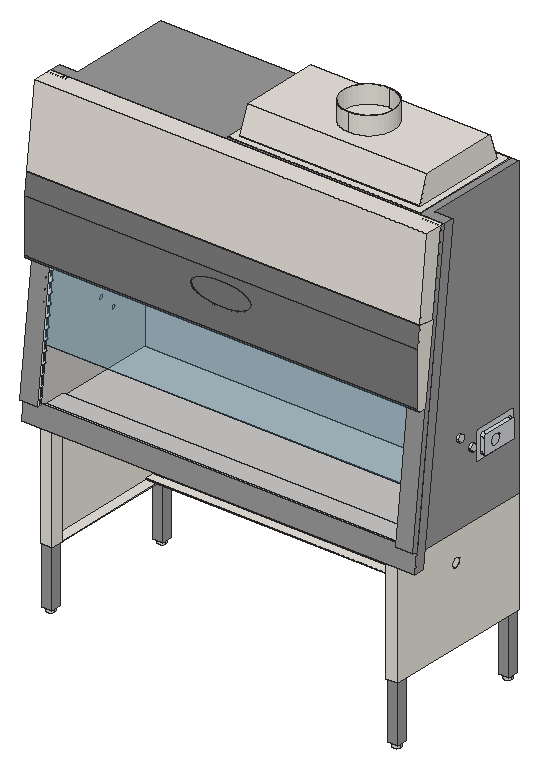
Revit family "NU-540 LabGard Class II Type A2 Laminar Flow Biosafety Cabinet with NU-911", category Mechanical Equipment, Revit 2020
Family settings
  Round Connector Dimension = Use Diameter
  Part Type = Normal
  OmniClass Number = 23.75.00.00
  OmniClass Title = Climate Control (HVAC)
  Work Plane-Based = No
  Always vertical = Yes
  Cut with Voids When Loaded = No
  Shared = No
  Room Calculation Point = No
Parameters (values of type "NU-540-600")
  window width = 5' - 11 7/8"
  transition width = 2' - 11 3/8"
  transition depth = 1' - 7 1/8"
  exhaust ring inner = 0' - 4 15/16"
  exhaust door width = 2' - 7 3/16"
  crossbar = 5' - 10.1415"
  Workzone Width = 5' - 10 3/8"
  Overall Width = 6' - 5 9/16"
  Model = "NU-540-600"
  Manufacturer = "NuAire Inc."
  Exhaust Filter Width = 2' - 10 1/2"
  Exhaust Diameter = 0' - 10"
  Exhaust Center = 2' - 0"
  Description = "LabGard Class II Type A2 Laminar Flow Biosafety Cabinet 115v with NU-911"
  Default Elevation = 0' - 0"
  Cabinet Width = 5' - 10 9/16"
  Cabinet Height = 4' - 10 7/8"
  Cabinet Depth = 2' - 6"
Types (4): name | window width | transition width | exhaust ring inner | exhaust door width | crossbar | Workzone Width | Overall Width | Model | Exhaust Filter Width | Exhaust Diameter | Exhaust Center | Cabinet Width
  NU-540-600 | 5' - 11 7/8" | 2' - 11 3/8" | 0' - 4 15/16" | 2' - 7 3/16" | 5' - 10.1415" | 5' - 10 3/8" | 6' - 5 9/16" | "NU-540-600" | 2' - 10 1/2" | 0' - 10" | 2' - 0" | 5' - 10 9/16"
  NU-540-500 | 4' - 11 7/8" | 2' - 5 3/8" | 0' - 4 15/16" | 2' - 7 3/16" | 4' - 10 9/64" | 4' - 10 3/8" | 5' - 5 9/16" | "NU-540-500" | 2' - 4 1/2" | 0' - 10" | 1' - 9" | 4' - 10 9/16"
  NU-540-400 | 3' - 11 3/8" | 1' - 9 3/8" | 0' - 4 15/16" | 1' - 7 3/16" | 3' - 10 9/64" | 3' - 10 3/8" | 4' - 5 9/16" | "NU-540-400" | 1' - 8 1/2" | 0' - 10" | 1' - 5" | 3' - 10 9/16"
  NU-540-300 | 2' - 11 7/8" | 1' - 1 3/8" | 0' - 3 15/16" | 1' - 1 3/16" | 2' - 10 9/64" | 2' - 10 3/8" | 3' - 5 9/16" | "NU-540-300" | 1' - 0 1/2" | 0' - 8" | 1' - 1" | 2' - 10 9/16"
Reference planes (in)
  plane 1 "Center (Front/Back)": y = 0
  plane 2: z = 0
  plane 3 "Center (Left/Right)": x = 0
  plane 4: x = -35.28125
  plane 5: x = 35.28125
  plane 6: y = -30
  plane 7 "Cabinet Base": z = 32.5
  plane 8 "Cabinet Top": z = 91.375
  plane 9: x = -38.78125
  plane 10: x = 38.78125
  plane 11: z = 12
  plane 12: z = 36.5
  plane 13: z = 89.703
  plane 14: z = 0.75
  plane 15: z = 12.074
  plane 16: z = 12.25
  plane 17: z = 22.21875
  plane 18: x = -35.07075
  plane 19: x = 35.07075
  plane 20: x = -35.9375
  plane 21: x = 35.9375
  plane 22: z = 68.23219
  plane 23: x = 36.3125
  plane 24: x = 35.34375
  plane 25: z = 99.875
Forms (in)
  Extrusion 1, solid
    sketch origin (0, 0, 0) x (0, 1, 0) y (0, 0, 1)
      loop
        line (0, 32.5) -> (0, 91.375) -> (-22.77106, 91.375) -> (-30, 32.5) -> (0, 32.5)
    from -38.78125 to 38.78125
  Extrusion 2, void
    sketch origin (0, 0, 0) x (0, 1, 0) y (0, 0, 1)
      loop
        line (-20.6301, 91.375) -> (-27.85904, 32.5) -> (0, 32.5) -> (0, 91.375) -> (-20.6301, 91.375)
    from -38.78125 to -35.28125
  Extrusion 3, void
    sketch origin (0, 0, 0) x (0, 1, 0) y (0, 0, 1)
      loop
        line (-20.6301, 91.375) -> (-27.85904, 32.5) -> (0, 32.5) -> (0, 91.375) -> (-20.6301, 91.375)
    from 35.28125 to 38.78125
  Extrusion 4, void
    sketch origin (0, 0, 0) x (0, 1, 0) y (0, 0, 1)
      loop
        line (-29.50886, 36.5) -> (-28.88386, 36.5) -> (-28.88386, 36.1875) -> (-24.25886, 36.1875) -> (-24.25886, 35.6875) -> (-4.18074, 35.6875) -> (-4.18074, 63.9375) -> (-26.13996, 63.9375) -> (-29.50886, 36.5)
    from -35.1875 to 35.1875
  Extrusion 5, void
    sketch origin (0, 0, 91.375) x (1, 0, 0) y (0, -1, 0)
      loop
        line (31.98425, 2.047) -> (31.98425, 20.547) -> (-2.51575, 20.547) -> (-2.51575, 2.047) -> (31.98425, 2.047)
    from 0 to 1.672
  Extrusion 6, solid
    sketch origin (0, -30, 32.5) x (1, 0, 0) y (0, -1, 0)
      loop
        line (35.28125, -30) -> (35.28125, -0.29687) -> (32.96225, -0.29687) -> (32.96225, -2.54287) -> (35.13325, -2.54287) -> (35.13325, -27.754) -> (32.96225, -27.754) -> (32.96225, -30) -> (35.28125, -30)
      loop
        line (-35.28125, -30) -> (-32.96225, -30) -> (-32.96225, -27.754) -> (-35.13325, -27.754) -> (-35.13325, -2.54287) -> (-32.96225, -2.54287) -> (-32.96225, -0.29687) -> (-35.28125, -0.29687) -> (-35.28125, -30)
    from 0 to 20.5
  Extrusion 7, solid
    sketch origin (0, -30, 12) x (0, 1, 0) y (1, 0, 0)
      loop
        line (0.42187, -35.15625) -> (2.42187, -35.15625) -> (2.42187, -33.15625) -> (0.42187, -33.15625) -> (0.42187, -35.15625)
      loop
        line (0.42362, 35.15625) -> (0.42362, 33.15625) -> (2.42362, 33.15625) -> (2.42362, 35.15625) -> (0.42362, 35.15625)
      loop
        line (29.875, 35.15625) -> (27.875, 35.15625) -> (27.875, 33.15625) -> (29.875, 33.15625) -> (29.875, 35.15625)
      loop
        line (27.875, -35.15625) -> (29.875, -35.15625) -> (29.875, -33.15625) -> (27.875, -33.15625) -> (27.875, -35.15625)
    from 0 to 11.25
  Extrusion 8, solid
    sketch origin (0, -30, 0.75) x (-1, 0, 0) y (0, 1, 0)
      loop
        circle (34.15625, 1.40689) r 0.75
      loop
        circle (-34.15625, 1.42362) r 0.75
      loop
        circle (-34.15625, 28.875) r 0.75
      loop
        circle (34.15625, 28.875) r 0.75
    from 0 to 0.75
  Extrusion 9, void
    sketch origin (0, 0, 0) x (0, 1, 0) y (0, 0, 1)
      loop
        circle (-15.375, 27) r 1
    from -35.28125 to 35.28125
  Extrusion 10, solid
    sketch origin (0, -30, 12) x (0, 1, 0) y (1, 0, 0)
      loop
        line (2.54287, 35.13325) -> (2.54287, 32.96225) -> (27.754, 32.96225) -> (27.754, 35.13325) -> (2.54287, 35.13325)
      loop
        line (27.754, -32.96225) -> (2.54287, -32.96225) -> (2.54287, -35.13325) -> (27.754, -35.13325) -> (27.754, -32.96225)
    from 0 to -0.074
  Extrusion 11, solid
    sketch origin (0, 0, 0) x (0, 1, 0) y (0, 0, 1)
      loop
        line (-4.246, 22.21875) -> (-4.246, 22.09375) -> (-2.3085, 22.09375) -> (-2.3085, 12.375) -> (-4.246, 12.375) -> (-4.246, 12.25) -> (-2.246, 12.25) -> (-2.246, 22.21875) -> (-4.246, 22.21875)
    from -35.07075 to 35.07075
  Extrusion 12, solid
    sketch origin (0, 0, 0) x (0, 1, 0) y (0, 0, 1)
      loop
        line (-29.53701, 36.27075) -> (-22.77106, 91.375) -> (-23.59218, 91.375) -> (-30.34593, 36.37008) -> (-29.53701, 36.27075)
    from 35.28125 to 38.78125
  Extrusion 13, solid
    sketch origin (-38.78125, 0, 0) x (0, -1, 0) y (0, 0, 1)
      loop
        line (22.77106, 91.375) -> (29.53701, 36.27075) -> (30.34593, 36.37008) -> (23.59218, 91.375) -> (22.77106, 91.375)
    from 0 to -3.5
  Extrusion 14, void
    sketch origin (0, 0.01127, -0.00138) x (0, 1, 0) y (0, 0, 1)
      loop
        line (-29.63061, 36.53412) -> (-22.89683, 91.37638) -> (-23.3272, 91.37638) -> (-30.05459, 36.58618) -> (-29.63061, 36.53412)
    from -35.9375 to 35.9375
  Extrusion 15, solid
    sketch origin (0, 0, 0) x (0, 1, 0) y (0, 0, 1)
      loop
        line (-28.40065, 46.4582) -> (-24.84342, 75.3651) -> (-25.02951, 75.388) -> (-28.58675, 46.48105) -> (-28.40065, 46.4582)
    from -35.9375 to 35.9375
  Extrusion 16, solid
    sketch origin (0, 0, 0) x (0, 1, 0) y (0, 0, 1)
      loop
        line (-23.59218, 91.375) -> (-22.77106, 91.375) -> (-22.77106, 91.4375) -> (-26.85891, 91.4375) -> (-28.74501, 76.07644) -> (-25.51924, 75.68036) -> (-23.59218, 91.375)
      loop
        line (-25.53447, 75.5563) -> (-28.76025, 75.95237) -> (-29.24772, 71.98219) -> (-29.24772, 61.39724)
        arc (-29.24772, 61.39724) -> (-29.10651, 61.02451) -> (-28.75378, 60.83893) r 0.5625
        line (-28.75378, 60.83893) -> (-27.36251, 60.6681) -> (-25.53447, 75.5563)
    from -38.78125 to 38.78125
  Extrusion 17, void
    sketch origin (0, -29.24772, 71.98219) x (0, 0, 1) y (1, 0, 0)
      loop
        spline (-3.71919, -5.96875) -> (-3.10786, -5.76537) -> (-2.53819, -5.16909) -> (-2.049, -4.22054) -> (-1.67363, -2.98438) -> (-1.43767, -1.54483) -> (-1.35719, 0) -> (-1.43767, 1.54483) -> (-1.67363, 2.98437) -> (-2.049, 4.22054) -> (-2.53819, 5.16909) -> (-3.10786, 5.76537) -> (-3.71919, 5.96875)
        spline (-3.71919, 5.96875) -> (-4.33052, 5.76537) -> (-4.90019, 5.16909) -> (-5.38937, 4.22054) -> (-5.76474, 2.98437) -> (-6.0007, 1.54483) -> (-6.08119, 0) -> (-6.0007, -1.54483) -> (-5.76474, -2.98438) -> (-5.38937, -4.22054) -> (-4.90019, -5.16909) -> (-4.33052, -5.76537) -> (-3.71919, -5.96875)
    from 0 to 0.07687
  Extrusion 18, void
    sketch origin (0, 0, 0) x (0, 1, 0) y (0, 0, 1)
      loop
        circle (-11.846, 45.958) r 0.5
      loop
        circle (-14.842, 48.958) r 0.5
    from -35.28125 to 35.28125
  Extrusion 19, solid
    sketch origin (-0.214, 0, 0) x (0, 1, 0) y (0, 0, 1)
      loop
        arc (-10.1875, 48.25) -> (-10.36428, 48.17678) -> (-10.4375, 48) r 0.25
        line (-10.4375, 48) -> (-10.4375, 43)
        arc (-10.4375, 43) -> (-10.36428, 42.82322) -> (-10.1875, 42.75) r 0.25
        line (-10.1875, 42.75) -> (-1.6875, 42.75)
        arc (-1.6875, 42.75) -> (-1.51072, 42.82322) -> (-1.4375, 43) r 0.25
        line (-1.4375, 43) -> (-1.4375, 48)
        arc (-1.4375, 48) -> (-1.51072, 48.17678) -> (-1.6875, 48.25) r 0.25
        line (-1.6875, 48.25) -> (-10.1875, 48.25)
      loop
        arc (-9.0625, 47.375) -> (-9.41605, 47.22855) -> (-9.5625, 46.875) r 0.5
        line (-9.5625, 46.875) -> (-9.5625, 44.125)
        arc (-9.5625, 44.125) -> (-9.41605, 43.77145) -> (-9.0625, 43.625) r 0.5
        line (-9.0625, 43.625) -> (-2.8125, 43.625)
        arc (-2.8125, 43.625) -> (-2.45895, 43.77145) -> (-2.3125, 44.125) r 0.5
        line (-2.3125, 44.125) -> (-2.3125, 46.875)
        arc (-2.3125, 46.875) -> (-2.45895, 47.22855) -> (-2.8125, 47.375) r 0.5
        line (-2.8125, 47.375) -> (-9.0625, 47.375)
    from 35.49525 to 35.55775
  Extrusion 20, solid
    sketch origin (35.28125, 0, 0) x (0, 1, 0) y (0, 0, 1)
      loop
        arc (-9.0625, 47.375) -> (-9.41605, 47.22855) -> (-9.5625, 46.875) r 0.5
        line (-9.5625, 46.875) -> (-9.5625, 44.125)
        arc (-9.5625, 44.125) -> (-9.41605, 43.77145) -> (-9.0625, 43.625) r 0.5
        line (-9.0625, 43.625) -> (-2.8125, 43.625)
        arc (-2.8125, 43.625) -> (-2.45895, 43.77145) -> (-2.3125, 44.125) r 0.5
        line (-2.3125, 44.125) -> (-2.3125, 46.875)
        arc (-2.3125, 46.875) -> (-2.45895, 47.22855) -> (-2.8125, 47.375) r 0.5
        line (-2.8125, 47.375) -> (-9.0625, 47.375)
    from 0 to 1.03125
  Extrusion 21, void
    sketch origin (0, 0, 0) x (0, 1, 0) y (0, 0, 1)
      loop
        circle (-6.9375, 45.5) r 1.12448
    from 36.20767 to 36.3125
  Extrusion 22, solid
    sketch origin (1.48425, -3.8441, 96.375) x (0, -1, 0) y (1, 0, 0)
      loop
        circle (7.4684, 13.297) r 5
      loop
        circle (7.4684, 13.297) r 4.9375
    from 0 to 3.5
  Extrusion 23, solid
    sketch origin (0, 0, 91.375) x (0, -1, 0) y (1, 0, 0)
      loop
        line (1.7345, -2.95325) -> (20.8595, -2.95325) -> (20.8595, 32.42175) -> (1.7345, 32.42175) -> (1.7345, -2.95325)
      loop
        line (0.3595, -4.32825) -> (22.2345, -4.32825) -> (22.2345, 33.79675) -> (0.3595, 33.79675) -> (0.3595, -4.32825)
    from 0 to 0.0625
  Extrusion 24, solid
    sketch origin (0, 0, 0) x (0, 1, 0) y (0, 0, 1)
      loop
        line (-20.8595, 91.375) -> (-1.7345, 91.375) -> (-1.7345, 91.4375) -> (-3.5316, 96.375) -> (-19.0624, 96.375) -> (-20.8595, 91.4375) -> (-20.8595, 91.375)
    from -2.95325 to 32.42175
  Extrusion 25, solid
    sketch origin (0, -20.6301, 91.375) x (0, -0.121869, -0.992546) y (-1, 0, 0)
      loop
        circle (57.52663, 36.96723) r 0.5
    from 0 to 0.0987
  Extrusion 26, solid
    sketch origin (0, 0, 0) x (0, 1, 0) y (0, 0, 1)
      loop
        circle (-11.846, 45.958) r 0.625
      loop
        circle (-14.846, 48.954) r 0.625
    from 35.28125 to 35.9375
  Extrusion 27, solid
    sketch origin (-35.28125, 0, 0) x (0, -1, 0) y (0, 0, 1)
      loop
        circle (14.84766, 48.954) r 0.625
      loop
        circle (11.846, 45.95312) r 0.625
    from 0 to 0.65625
Cuts and joins
  Extrusion 2, Extrusion 3, Extrusion 4, Extrusion 5, Extrusion 17, Extrusion 18 cuts Extrusion 1
  Extrusion 9 cuts Extrusion 6
  Extrusion 14, Extrusion 18 cuts Extrusion 13
  Extrusion 14 cuts Extrusion 12
  Extrusion 17 cuts Extrusion 15
  Extrusion 17 cuts Extrusion 16
  Extrusion 21 cuts Extrusion 20
  joined: Extrusion 19, Extrusion 20
Dimensions and locks (in)
  equal spacing: plane 4, plane 3 "Center (Left/Right)", plane 5
  "Cabinet Width": plane 4 to plane 5
  "Cabinet Depth": plane 1 "Center (Front/Back)" to plane 6
  "Cabinet Height": plane 8 "Cabinet Top" to plane 7 "Cabinet Base"
  equal spacing: plane 10, plane 3 "Center (Left/Right)", plane 9
  "Overall Width": plane 10 to plane 9
  plane 7 "Cabinet Base" to Extrusion 1 = 4' - 10 7/8"
  locked: Extrusion 2 sketch curve to Extrusion 1 at 2.125
  Extrusion 2 to plane 7 "Cabinet Base" = 4' - 10 7/8"
  locked: cut or joined group of Extrusion 1, Extrusion 2, Extrusion 3, Extrusion 4, Extrusion 5, Extrusion 17, Extrusion 18 to Extrusion 3 sketch curve at 2.125
  Extrusion 3 to plane 7 "Cabinet Base" = 4' - 10 7/8"
  plane 7 "Cabinet Base" to level = 2' - 8 1/2"
  equal spacing: cut or joined group of Extrusion 1, Extrusion 2, Extrusion 3, Extrusion 4, Extrusion 5, Extrusion 17, Extrusion 18, plane 3 "Center (Left/Right)", cut or joined group of Extrusion 1, Extrusion 2, Extrusion 3, Extrusion 4, Extrusion 5, Extrusion 17, Extrusion 18
  "Workzone Width": cut or joined group of Extrusion 1, Extrusion 2, Extrusion 3, Extrusion 4, Extrusion 5, Extrusion 17, Extrusion 18 to cut or joined group of Extrusion 1, Extrusion 2, Extrusion 3, Extrusion 4, Extrusion 5, Extrusion 17, Extrusion 18
  locked: Extrusion 5 sketch curve to plane 5 at 3.297
  "Exhaust Filter Width": Extrusion 5 sketch curve to Extrusion 5 sketch curve
  locked: Extrusion 5 sketch curve to plane 1 "Center (Front/Back)" at 2.047
  Extrusion 5 sketch curve to Extrusion 5 sketch curve = 1' - 6 1/2"
  locked: Extrusion 6 to Extrusion 7 sketch curve at 0.125
  locked: Extrusion 7 sketch curve to Extrusion 6 at 0.125  (x4)
  Extrusion 7 sketch curve to Extrusion 7 sketch curve = 0' - 2"  (x8)
  Extrusion 6 to Extrusion 7 sketch curve = 0' - 0 1/8"  (x2)
  Extrusion 6 to Extrusion 7 sketch curve = 0' - 0.12674"
  Extrusion 8 sketch curve to Extrusion 7 = 0' - 1"  (x2)
  Extrusion 7 to Extrusion 8 sketch curve = 0' - 0.98502"
  Extrusion 7 to Extrusion 8 sketch curve = 0' - 1"  (x5)
  Extrusion 6 to Extrusion 9 sketch curve = 0' - 5 1/2"
  Extrusion 6 to Extrusion 9 sketch curve = 1' - 3 3/8"
  equal spacing: plane 19, plane 3 "Center (Left/Right)", plane 18
  "crossbar": plane 19 to plane 18
  cut or joined group of Extrusion 1, Extrusion 2, Extrusion 3, Extrusion 4, Extrusion 5, Extrusion 17, Extrusion 18 to Extrusion 12 sketch curve = 0' - 0.815"
  Extrusion 13 to Extrusion 14 sketch curve = 0' - 0.11365"
  Extrusion 14 sketch curve to Extrusion 14 sketch curve = 0' - 0.42716"
  Extrusion 13 to Extrusion 14 sketch curve = 0' - 0 1/4"
  equal spacing: plane 21, plane 3 "Center (Left/Right)", plane 20
  "window width": plane 21 to plane 20
  cut or joined group of Extrusion 13, Extrusion 14, Extrusion 18 to Extrusion 15 sketch curve to Extrusion 15 sketch curve = 0' - 10", 2' - 5 1/8" locked
  equal spacing: Extrusion 15, plane 3 "Center (Left/Right)", Extrusion 15
  "window width": Extrusion 15 to Extrusion 15
  locked: Extrusion 16 sketch curve to Extrusion 16 sketch curve at 15
  locked: Extrusion 16 sketch curve to Extrusion 16 sketch curve at 4
  Extrusion 16 sketch curve to Extrusion 16 sketch curve = 2' - 6 15/16"
  equal spacing: Extrusion 16, plane 3 "Center (Left/Right)", Extrusion 16
  "Overall Width": Extrusion 16 to Extrusion 16
  equal spacing: plane 10, Extrusion 17 sketch curve, plane 9
  Extrusion 18 sketch curve to cut or joined group of Extrusion 1, Extrusion 2, Extrusion 3, Extrusion 4, Extrusion 5, Extrusion 17, Extrusion 18 = 1' - 2.842"
  Extrusion 18 sketch curve to cut or joined group of Extrusion 6, Extrusion 9 = 1' - 1.458"
  Extrusion 18 sketch curve to cut or joined group of Extrusion 6, Extrusion 9 = 1' - 4.458"
  Extrusion 19 sketch curve to cut or joined group of Extrusion 1, Extrusion 2, Extrusion 3, Extrusion 4, Extrusion 5, Extrusion 17, Extrusion 18 = 0' - 1 7/16"
  Extrusion 19 sketch curve to Extrusion 19 sketch curve = 0' - 9"
  Extrusion 19 sketch curve to cut or joined group of Extrusion 6, Extrusion 9 = 0' - 10 1/4"
  Extrusion 19 sketch curve to Extrusion 19 sketch curve = 0' - 5 1/2"
  Extrusion 19 sketch curve to Extrusion 19 sketch curve = 0' - 3 3/4"
  Extrusion 19 sketch curve to Extrusion 19 sketch curve = 0' - 7 1/4"
  Extrusion 19 sketch curve to Extrusion 19 sketch curve = 0' - 0 7/8"
  plane 10 to plane 23 to cut or joined group of Extrusion 1, Extrusion 2, Extrusion 3, Extrusion 4, Extrusion 5, Extrusion 17, Extrusion 18 = 0' - 2 15/32" locked, 0' - 1 1/32" locked
  Extrusion 21 sketch curve to cut or joined group of Extrusion 6, Extrusion 9 = 1' - 1"
  Extrusion 21 sketch curve to cut or joined group of Extrusion 1, Extrusion 2, Extrusion 3, Extrusion 4, Extrusion 5, Extrusion 17, Extrusion 18 = 0' - 6 15/16"
  plane 23 to plane 24 to cut or joined group of Extrusion 19, Extrusion 20, Extrusion 21 = 0' - 0 31/32" locked, 0' - 0 1/16" locked
  locked: cut or joined group of Extrusion 19, Extrusion 20, Extrusion 21 to cut or joined group of Extrusion 19, Extrusion 20, Extrusion 21 at 0.10483
  locked: cut or joined group of Extrusion 1, Extrusion 2, Extrusion 3, Extrusion 4, Extrusion 5, Extrusion 17, Extrusion 18 to plane 23 at 1.03125
  "Exhaust Center": Extrusion 22 sketch curve to cut or joined group of Extrusion 1, Extrusion 2, Extrusion 3, Extrusion 4, Extrusion 5, Extrusion 17, Extrusion 18
  cut or joined group of Extrusion 1, Extrusion 2, Extrusion 3, Extrusion 4, Extrusion 5, Extrusion 17, Extrusion 18 to Extrusion 22 sketch curve = 0' - 11 5/16"
  "transition width": Extrusion 23 sketch curve to Extrusion 23 sketch curve
  "transition depth": Extrusion 23 sketch curve to Extrusion 23 sketch curve
  locked: Extrusion 23 sketch curve to cut or joined group of Extrusion 1, Extrusion 2, Extrusion 3, Extrusion 4, Extrusion 5, Extrusion 17, Extrusion 18 at 0.3125
  cut or joined group of Extrusion 1, Extrusion 2, Extrusion 3, Extrusion 4, Extrusion 5, Extrusion 17, Extrusion 18 to Extrusion 23 sketch curve = 0' - 0 7/16"
  locked: Extrusion 23 sketch curve to cut or joined group of Extrusion 1, Extrusion 2, Extrusion 3, Extrusion 4, Extrusion 5, Extrusion 17, Extrusion 18 at 0.4375
  locked: Extrusion 23 sketch curve to Extrusion 23 sketch curve at 1.375  (x3)
  locked: Extrusion 23 sketch curve to Extrusion 23 sketch curve at 21.875
  Extrusion 25 sketch curve to cut or joined group of Extrusion 1, Extrusion 2, Extrusion 3, Extrusion 4, Extrusion 5, Extrusion 17, Extrusion 18 = 0' - 1.79051"
  cut or joined group of Extrusion 1, Extrusion 2, Extrusion 3, Extrusion 4, Extrusion 5, Extrusion 17, Extrusion 18 to Extrusion 25 sketch curve = 0' - 1.81402"
  Extrusion 18 sketch curve to cut or joined group of Extrusion 1, Extrusion 2, Extrusion 3, Extrusion 4, Extrusion 5, Extrusion 17, Extrusion 18 = 0' - 11.846"
  Extrusion 26 sketch curve to cut or joined group of Extrusion 6, Extrusion 9 = 1' - 1.458"
  Extrusion 26 sketch curve to cut or joined group of Extrusion 6, Extrusion 9 = 1' - 4.454"
  Extrusion 26 sketch curve to cut or joined group of Extrusion 1, Extrusion 2, Extrusion 3, Extrusion 4, Extrusion 5, Extrusion 17, Extrusion 18 = 0' - 11.846"
  Extrusion 26 sketch curve to cut or joined group of Extrusion 1, Extrusion 2, Extrusion 3, Extrusion 4, Extrusion 5, Extrusion 17, Extrusion 18 = 1' - 2.846"
  Extrusion 27 sketch curve to cut or joined group of Extrusion 6, Extrusion 9 = 1' - 1 29/64"
  Extrusion 27 sketch curve to cut or joined group of Extrusion 6, Extrusion 9 = 1' - 4.454"
  cut or joined group of Extrusion 1, Extrusion 2, Extrusion 3, Extrusion 4, Extrusion 5, Extrusion 17, Extrusion 18 to Extrusion 27 sketch curve = 0' - 11.846"
  cut or joined group of Extrusion 1, Extrusion 2, Extrusion 3, Extrusion 4, Extrusion 5, Extrusion 17, Extrusion 18 to Extrusion 27 sketch curve = 1' - 2 217/256"
  "Exhaust Diameter": diameter of Extrusion 22 sketch curve
  "exhaust ring inner": radius of Extrusion 22 sketch curve
  locked: plane 6 to Extrusion 1 sketch curve (angle 7.00°)
  aligned and locked: level to plane 2
  aligned and locked: plane 1 "Center (Front/Back)" to Extrusion 1 sketch curve
  aligned and locked: plane 8 "Cabinet Top" to Extrusion 1 sketch curve
  aligned and locked: plane 7 "Cabinet Base" to Extrusion 1 sketch curve
  aligned and locked: Extrusion 1 to plane 9
  aligned and locked: Extrusion 1 to plane 10
  aligned and locked: Extrusion 2 sketch curve to Extrusion 1  (x3)
  aligned and locked: Extrusion 2 to plane 9
  aligned and locked: plane 4 to Extrusion 2
  aligned and locked: cut or joined group of Extrusion 1, Extrusion 2, Extrusion 3, Extrusion 4, Extrusion 5, Extrusion 17, Extrusion 18 to Extrusion 3 sketch curve  (x2)
  aligned and locked: Extrusion 3 sketch curve to cut or joined group of Extrusion 1, Extrusion 2, Extrusion 3, Extrusion 4, Extrusion 5, Extrusion 17, Extrusion 18
  aligned and locked: Extrusion 3 to plane 10
  aligned and locked: Extrusion 3 to plane 5
  aligned and locked: Extrusion 5 to plane 13
  aligned and locked: Extrusion 6 to plane 11
  aligned and locked: Extrusion 6 to plane 7 "Cabinet Base"
  aligned and locked: plane 14 to Extrusion 7
  aligned and locked: Extrusion 8 to level
  aligned and locked: plane 5 to Extrusion 9
  aligned and locked: Extrusion 9 to plane 4
  aligned and locked: Extrusion 10 sketch curve to cut or joined group of Extrusion 6, Extrusion 9  (x8)
  aligned and locked: plane 15 to Extrusion 10
  aligned and locked: Extrusion 11 to plane 18
  aligned and locked: plane 19 to Extrusion 11
  aligned and locked: plane 8 "Cabinet Top" to Extrusion 12 sketch curve
  aligned and locked: Extrusion 12 to plane 10
  aligned and locked: Extrusion 12 to plane 5
  aligned and locked: plane 8 "Cabinet Top" to Extrusion 13 sketch curve
  aligned and locked: cut or joined group of Extrusion 1, Extrusion 2, Extrusion 3, Extrusion 4, Extrusion 5, Extrusion 17, Extrusion 18 to Extrusion 13 sketch curve
  aligned and locked: Extrusion 13 sketch curve to Extrusion 12  (x2)
  aligned and locked: plane 4 to Extrusion 13
  aligned and locked: Extrusion 14 to plane 20
  aligned and locked: Extrusion 14 to plane 21
  aligned and locked: Extrusion 14 to plane 8 "Cabinet Top"
  aligned and locked: plane 5 to Extrusion 18
  aligned and locked: Extrusion 18 to plane 4
  aligned and locked: Extrusion 19 to plane 5
  aligned and locked: Extrusion 19 to Extrusion 20 sketch curve  (x4)
  aligned and locked: Extrusion 20 to plane 23
  aligned and locked: Extrusion 21 to plane 23
  aligned and locked: Extrusion 20 to plane 5
  aligned and locked: Extrusion 19 to plane 24
  aligned and locked: Extrusion 22 to plane 25
  aligned and locked: cut or joined group of Extrusion 16, Extrusion 17 to Extrusion 23
  aligned and locked: Extrusion 24 sketch curve to Extrusion 23  (x3)
  aligned and locked: Extrusion 24 to Extrusion 23  (x2)
  aligned and locked: Extrusion 22 to Extrusion 24
  aligned and locked: Extrusion 26 to plane 5
  aligned and locked: Extrusion 27 to plane 20
  aligned and locked: plane 21 to Extrusion 26
Automatic sketch dimensions
  Extrusion 1 sketch curve to plane 6 = 0' - 0"
  plane 12 to Extrusion 4 sketch curve = 0' - 0"
  plane 6 to Extrusion 4 sketch curve = 0' - 0.49114"
  plane 12 to Extrusion 4 sketch curve = 0' - 0 5/16"
  Extrusion 4 sketch curve to Extrusion 4 sketch curve = 0' - 0 5/8"
  plane 6 to Extrusion 4 sketch curve = 0' - 3.86004"
  plane 12 to Extrusion 4 sketch curve = 0' - 0 13/16"
  Extrusion 4 sketch curve to Extrusion 4 sketch curve = 0' - 4 5/8"
  plane 1 "Center (Front/Back)" to Extrusion 4 sketch curve = 0' - 4.18074"
  Extrusion 4 sketch curve to plane 13 = 2' - 1.7655"
  Extrusion 1 to Extrusion 6 sketch curve = 0' - 0"  (x2)
  Extrusion 6 sketch curve to Extrusion 1 = 0' - 3 1/2"
  Extrusion 6 sketch curve to Extrusion 6 sketch curve = 0' - 0.148"  (x2)
  Extrusion 6 sketch curve to Extrusion 6 sketch curve = 0' - 2.171"  (x3)
  Extrusion 1 to Extrusion 6 sketch curve = 0' - 2.246"  (x2)
  Extrusion 6 sketch curve to Extrusion 1 = 0' - 5.819"  (x2)
  Extrusion 6 sketch curve to Extrusion 1 = 0' - 0 19/64"  (x2)
  Extrusion 6 sketch curve to Extrusion 6 sketch curve = 0' - 2.246"  (x2)
  Extrusion 11 sketch curve to plane 17 = 0' - 0"
  Extrusion 11 sketch curve to plane 16 = 0' - 0"
  plane 1 "Center (Front/Back)" to Extrusion 11 sketch curve = 0' - 4.246"  (x2)
  plane 16 to Extrusion 11 sketch curve = 0' - 0 1/8"
  Extrusion 11 sketch curve to Extrusion 11 sketch curve = 0' - 1 15/16"
  Extrusion 11 sketch curve to Extrusion 11 sketch curve = 0' - 0 1/16"
  Extrusion 11 sketch curve to Extrusion 11 sketch curve = 0' - 0 1/8"
  plane 6 to Extrusion 12 sketch curve = 0' - 0.46299"
  Extrusion 12 sketch curve to plane 6 = 0' - 0.34593"
  plane 8 "Cabinet Top" to Extrusion 14 sketch curve = 0' - 0"
  Extrusion 15 sketch curve to Extrusion 15 sketch curve = 0' - 0.1861"
  plane 6 to Extrusion 15 sketch curve = 0' - 1.41325"
  plane 6 to Extrusion 15 sketch curve = 0' - 4.97049"
  level to Extrusion 15 sketch curve = 6' - 3.3651"
  plane 8 "Cabinet Top" to Extrusion 16 sketch curve = 0' - 0"
  Extrusion 16 sketch curve to Extrusion 16 sketch curve = 0' - 0.01523"  (x2)
  Extrusion 16 sketch curve to Extrusion 16 sketch curve = 0' - 1.39126"
  Extrusion 16 sketch curve to plane 8 "Cabinet Top" = 0' - 0 1/16"
  Extrusion 16 sketch curve to Extrusion 16 sketch curve = 0' - 0.82112"
  Extrusion 16 sketch curve to Extrusion 16 sketch curve = 0' - 0.12407"
  plane 6 to Extrusion 16 sketch curve = 0' - 0.75228"
  plane 6 to Extrusion 16 sketch curve = 0' - 1.23975"
  Extrusion 16 sketch curve to Extrusion 16 sketch curve = 0' - 0.49395"
  plane 6 to Extrusion 16 sketch curve = 0' - 3.14109"
  Extrusion 17 sketch curve to Extrusion 16 = 0' - 3.71919"
  Extrusion 17 sketch curve to Extrusion 17 sketch curve = 0' - 5 31/32"
  Extrusion 19 sketch curve to Extrusion 19 sketch curve = 0' - 0 1/4"  (x4)
  Extrusion 19 sketch curve to Extrusion 19 sketch curve = 0' - 0 5/8"
  Extrusion 19 sketch curve to Extrusion 19 sketch curve = 0' - 0 1/2"  (x4)
  Extrusion 20 sketch curve to Extrusion 20 sketch curve = 0' - 0 1/2"  (x4)
  Extrusion 24 sketch curve to plane 25 = 0' - 3 1/2"
  Extrusion 24 sketch curve to Extrusion 24 sketch curve = 0' - 1.7971"
  plane 1 "Center (Front/Back)" to Extrusion 24 sketch curve = 0' - 3.5316"
  Extrusion 24 sketch curve to plane 8 "Cabinet Top" = 0' - 0 1/16"  (x2)
  Extrusion 22 sketch curve to Extrusion 22 sketch curve = 0' - 0"  (x2)
  radius of Extrusion 8 sketch curve = 0' - 0 3/4"  (x4)
  radius of Extrusion 9 sketch curve = 0' - 1"
  radius of Extrusion 18 sketch curve = 0' - 0 1/2"  (x2)
  radius of Extrusion 21 sketch curve = 0' - 1.12448"
  radius of Extrusion 25 sketch curve = 0' - 0 1/2"
  radius of Extrusion 26 sketch curve = 0' - 0 5/8"  (x2)
  radius of Extrusion 27 sketch curve = 0' - 0 5/8"  (x2)
Connectors (in)
  hvac at (14.78125, -11.3125, 99.875), driven by "Exhaust Diameter"
    settings: on Extrusion 22, index 1, duct flow 0 CFM, flow factor 0, pres drop 0.00 in-wg, loss coef 0, conn angle 0.00°, conn width 12", conn height 12", conn diameter 10", duct sys type 3, conn prof type 0, flow config 0, flow direction 2, loss method 0, conn ref index -1, conn util no, is conn primary yes, conn desc ""
  piping at (35.9375, -11.846, 45.958), diameter 0.875
    settings: on Extrusion 26, index 2, connector inside diameter 24", connector length 0' - 0", flow factor 0, pipe flow 0 GPM, pressure drop 0.00 psi, fitting loss kfactor 0, connector angle 0.00°, fixture units 0, engagement length 0' - 0", angle of deflection 0.00°, flow configuration 0, flow direction 1, fitting loss method 0, system type 28, joint type 0, gender type 0, connector reference index -1, connector utility 0, adjustable connector no, is connector primary yes, connector description ""
  piping at (35.9375, -14.846, 48.954), diameter 0.875
    settings: on Extrusion 26, index 3, connector inside diameter 24", connector length 0' - 0", flow factor 0, pipe flow 0 GPM, pressure drop 0.00 psi, fitting loss kfactor 0, connector angle 0.00°, fixture units 0, engagement length 0' - 0", angle of deflection 0.00°, flow configuration 0, flow direction 0, fitting loss method 0, system type 28, joint type 0, gender type 0, connector reference index -1, connector utility 0, adjustable connector no, is connector primary no, connector description ""
  electrical at (-36.96723, -27.54287, 34.26514)
    settings: on Extrusion 25, index 4, voltage 115 V, apparent load 0 VA, apparent load phase1 0 VA, apparent load phase2 0 VA, apparent load phase3 0 VA, power factor 1, load classification "Power", number of poles 2, system type 31, power factor state 1, is connector primary yes, connector utility yes, sub classification motor no, connector description ""
